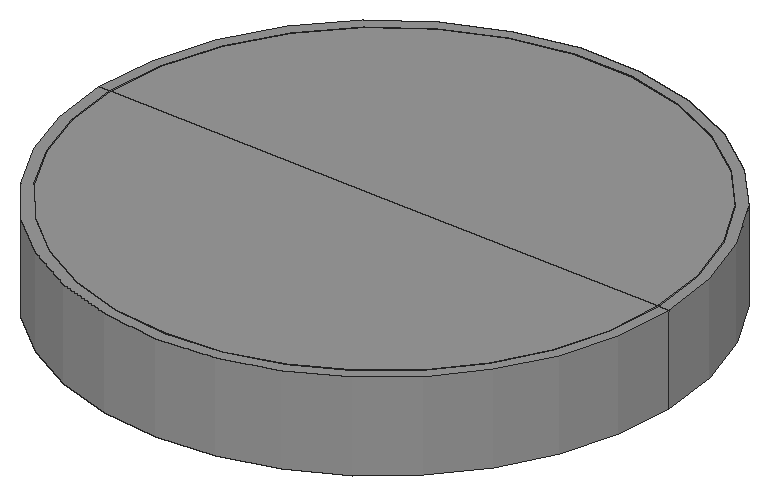
Revit family "4061107", category Lighting Fixtures, host Face, Revit 2016
Family settings
  Host = Face
  Part Type = Normal
  Round Connector Dimension = Use Diameter
  OmniClass Number = 23.80.70.00
  OmniClass Title = Lighting
  Cut with Voids When Loaded = No
  Light Source = Yes
  Shared = No
  Room Calculation Point = No
Parameters (values of type "4061107 COLOSSAL 3550LM 840 DALI EM3 WHT")
  Weight = "kg"
  Wattage Comments = ""
  Wattage = 30 W
  WarrantyStartDate [instance] = "n/a"
  WarrantyGuarantorParts = "n/a"
  WarrantyDurationUnit = "n/a"
  WarrantyDurationParts = "n/a"
  WarrantyDescription = "n/a"
  built-in parameter 1150110 = 1 (stored number, unit not read)
  Voltage = 230 V
  URL = "http://www.sylvania-lighting.com"
  TypeName = "Colossal 3550lm 840 DALI EM3 WHT"
  Type Image = <None>
  Type Comments = "n/a"
  built-in parameter 1114217 = 1 (stored number, unit not read)
  Tilt Angle = -90.00°
  built-in parameter 1150109 = 1 (stored number, unit not read)
  built-in parameter 1150134 = 12
  built-in parameter 1150113 = 1 (stored number, unit not read)
  SerialNumber [instance] = "n/a"
  Photometric Web File = "4061107.ies"
  Material_3_SYL = LED-Sylvania
  PowerFactor = 0
  PowerConsumption = "30 W"
  NominalLength = 400 mm
  NominalHeight = 87 mm
  NominalDepth = 400 mm
  Name = "Colossal 3550lm 840 DALI EM3 WHT"
  ModelReference = Name  # "Colossal 3550lm 840 DALI EM3 WHT"
  ModelNumber = "4061107"
  Model = Name  # "Colossal 3550lm 840 DALI EM3 WHT"
  Material = "n/a"
  ManufacturerName = "Feilo Sylvania"
  Manufacturer = "Feilo Sylvania"
  LuminousEfficacy = "n/a"
  built-in parameter 1150105 = 283.66 (stored number, unit not read)
  Lumens = 3564.63 lm
  LuminaireType = ""
  built-in parameter 1150115 = 1 (stored number, unit not read)
  LightOutputRatio = "n/a"
  built-in parameter 1150137 = (empty or 0)
  built-in parameter 1150139 = (empty or 0)
  LampsType = Lamp  # "LED"
  LampNominalLuminous = "3564 lm"
  LampMacAdamStep = "n/a"
  LampColourTemperature = "4000 K"
  LampColourRenderingIndex = "n/a"
  built-in parameter 1150112 = 1 (stored number, unit not read)
  built-in parameter 1150114 = 1 (stored number, unit not read)
  Lamp = "LED"
  Keynote = "16500"
  InstallationDate [instance] = "n/a"
  InputVoltage = "230-240 V~"
  InputNominalFrequency = "50/60 Hz"
  built-in parameter 1150132 = (empty or 0)
  built-in parameter 1150102 = (empty or 0)
  built-in parameter 1150107 = 4000 (stored number, unit not read)
  built-in parameter 1150138 = (empty or 0)
  IngressProtection = "IP40"
  ImpactProtectionIndex = "IK02"
  built-in parameter 1150106 = 2.8366 (stored number, unit not read)
  IfcExportType = "IfcLightFixtureType"
  IfcExportAs = "IfcLightFixtureType"
  Emit from Circle Diameter = 385 mm
  Emit Shape Visible in Rendering = no
  ElectricShockClassification = "Class I"
  built-in parameter 1150104 = 11.039 (stored number, unit not read)
  DocumentationLiterature = "http://www.sylvania-lighting.com/product/en-int/products/4061107"
  DimmingControlOptions = "Dimmable"
  Material_2_SYL = Polycarbonate_Sylvania_White
  Dimming Lamp Color Temperature Shift = <None>
  Description = "Large 400 mm diameter circular architectural luminaire, can be surface mounted or suspended, aluminium housing with polycarbonate opal diffuser, 3550 lm, 30W, 118 lm/W, 4000K, CRI 80, 50,000 hours, IP40, IK03, Class 1, 220-240V, Energy class A++, DALI, Emergency 3 hours"
  Default Elevation = 1219.2 mm
  CreatedOn = "3/7/2019"
  CreatedBy = "@sylvania-lighting.com"
  Cost = 0
  Color Filter = 16777215
  built-in parameter 1114216 [instance] = (empty or 0)
  ClassificationValue = "EF_70_80"
  ClassificationName = "Uniclass2015"
  Material_1_SYL = Polycarbonate_Sylvania_Opal
  BarCode [instance] = "n/a"
  built-in parameter 1114218 = 1 (stored number, unit not read)
  built-in parameter 1150133 = 10 (stored number, unit not read)
  AssetType = "Fixed"
  AssetIdentifier [instance] = "n/a"
  Assembly Code = "D5020200"
  Apparent Load = 30 VA
  Material_4_SYL = none
Reference planes
  plane 1 "Center (Front/Back)": y = 0
  plane 2: z = 0
  plane 3 "Center (Left/Right)": x = 0
  plane 4: x = -200
  plane 5: x = -120
  plane 6: z = 87
  plane 7: z = 25
  plane 8: x = -192.5
  plane 9: z = 40
Forms (mm)
  Revolve 1, solid, material "Polycarbonate_Sylvania_White" <- "Material_2_SYL"
    sketch origin (0, 0, 0) x (1, 0, 0) y (0, 0, 1)
      loop
        line (0, 0) -> (0, 40) -> (-192.5, 40) -> (-192.5, 87) -> (-200, 87) -> (-200, 25) -> (-120, 25) -> (-120, 0) -> (0, 0)
      axis (0, 87) -> (0, 0)
    angle from 360 to 0
  Revolve 2, solid, material "Polycarbonate_Sylvania_Opal" <- "Material_1_SYL"
    sketch origin (0, 0, 0) x (1, 0, 0) y (0, 0, 1)
      loop
        line (0, 87) -> (-192.5, 87) -> (-192.5, 40) -> (0, 40) -> (0, 87)
      axis (0, 87) -> (0, 40)
    angle from 360 to 0
Dimensions and locks
  plane 6 to plane 7 to level = 62 mm locked, 25 mm locked
  plane 3 "Center (Left/Right)" to plane 5 to plane 8 to plane 4 = 120 mm locked, 72.5 mm locked, 7.5 mm locked
  locked: plane 9 to plane 7 at 15
  aligned and locked: plane 2 to host face
  aligned and locked: level to host face
  aligned and locked: Revolve 1 sketch curve to plane 3 "Center (Left/Right)"  (x2)
  aligned and locked: plane 3 "Center (Left/Right)" to Revolve 1 sketch curve
  aligned and locked: level to Revolve 1 sketch curve
  aligned and locked: plane 5 to Revolve 1 sketch curve
  aligned and locked: Revolve 1 sketch curve to plane 7
  aligned and locked: plane 6 to Revolve 1 sketch curve  (x2)
  aligned and locked: plane 8 to Revolve 1 sketch curve
  aligned and locked: Revolve 1 sketch curve to plane 8
  aligned and locked: plane 9 to Revolve 1 sketch curve
  aligned and locked: Revolve 2 sketch curve to plane 3 "Center (Left/Right)"
  aligned and locked: Revolve 2 sketch curve to Revolve 1  (x3)
  aligned and locked: plane 3 "Center (Left/Right)" to Revolve 2 sketch curve
  aligned and locked: plane 3 "Center (Left/Right)" to imposter light
  aligned and locked: imposter light to plane 6
  aligned and locked: imposter light to plane 1 "Center (Front/Back)"
Connectors
  electrical at (0, 0, 0), driven by "Apparent Load", driven by "PowerFactor", driven by "Voltage"
    settings: index 1, voltage 230 V, apparent load 30 VA, apparent load phase1 0 VA, apparent load phase2 0 VA, apparent load phase3 0 VA, power factor 0, load classification "Lighting", number of poles 1, system type 30, power factor state 1, is connector primary yes, connector utility no, sub classification motor no, connector description ""
